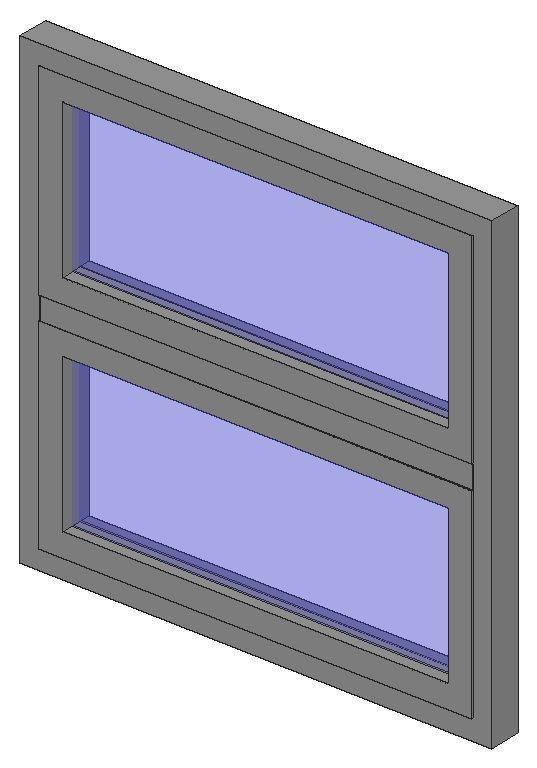
Revit family "Family13", category Windows, host Wall, Revit 2018
Family settings
  Host = Wall
  OmniClass Number = 23.30.20.00
  OmniClass Title = Windows
  Always vertical = Yes
  Cut with Voids When Loaded = No
  Shared = No
  Room Calculation Point = No
Parameters
  Window Thickness = 84 mm
  Window = White
  Visual Light Transmittance = 0.81
  URL = "www.skywardwindows.co.za"
  Thermal Resistance (R) = 0.3196 (m²·K)/W
  Telephone = "021 276 1800"
  Solar Heat Gain Coefficient = 0.76
  Manufacturer = "Skyward Windows"
  Keynote = ""
  Height = 1190 mm
  Heat Transfer Coefficient (U) = 3.1292 W/(m²·K)
  Glass = Glass
  Email Address = "info@skywardwindows.co.za"
  Default Sill Height = 800 mm
  Wall Closure = By host
  Width = 1190 mm
  Company Address = "Charles Matthews Street Atlantis 7349"
  Analytic Construction = "Double glazing - domestic"
Reference planes
  plane 1 "Center (Front/Back)": y = 0
  plane 2 "Center (Left/Right)": x = 0
  plane 3 "Left": x = -595
  plane 4 "Right": x = 595
  plane 5 "Sill": z = 800
  plane 6 "Head": z = 1990
  plane 7 "Exterior": y = 100
  plane 8 "Interior": y = -100
Forms (mm)
  Extrusion 1, solid, material "White" <- "Window"
    sketch origin (0, -100, 0) x (1, 0, 0) y (0, 0, 1)
      loop
        line (-595, 1990) -> (-595, 800) -> (595, 800) -> (595, 1990) -> (-595, 1990)
      loop
        line (-545, 850) -> (545, 850) -> (545, 1940) -> (-545, 1940) -> (-545, 850)
    from -140 to -60
  Extrusion 2, solid, material "White" <- "Window"
    sketch origin (0, -100, 0) x (1, 0, 0) y (0, 0, 1)
      loop
        line (-486, 909) -> (486, 909) -> (486, 1306) -> (-486, 1306) -> (-486, 909)
      loop
        line (-545, 1365) -> (-545, 850) -> (545, 850) -> (545, 1365) -> (-545, 1365)
      loop
        line (-545, 1940) -> (-545, 1425) -> (545, 1425) -> (545, 1940) -> (-545, 1940)
      loop
        line (-486, 1484) -> (486, 1484) -> (486, 1881) -> (-486, 1881) -> (-486, 1484)
    from -142 to -58
  Extrusion 3, solid, material "White" <- "Window"
    sketch origin (0, -100, 0) x (1, 0, 0) y (0, 0, 1)
      loop
        line (-545, 1425) -> (-545, 1365) -> (545, 1365) -> (545, 1425) -> (-545, 1425)
    from -140 to -60
  Extrusion 4, solid, material "Glass" <- "Glass"
    sketch origin (0, 0, 0) x (1, 0, 0) y (0, 1, 0)
      loop
        line (-486, -10) -> (-486, -14) -> (486, -14) -> (486, -10) -> (-486, -10)
      loop
        line (-486, 14) -> (-486, 10) -> (486, 10) -> (486, 14) -> (-486, 14)
    from 909 to 1306
  Extrusion 5, solid, material "Glass" <- "Glass"
    sketch origin (0, 0, 575) x (1, 0, 0) y (0, 1, 0)
      loop
        line (-486, -10) -> (-486, -14) -> (486, -14) -> (486, -10) -> (-486, -10)
      loop
        line (-486, 14) -> (-486, 10) -> (486, 10) -> (486, 14) -> (-486, 14)
    from 909 to 1306
Lines and regions (mm)
  Opening 1
    outline origin (3500, -100, 0) x (1, 0, 0) y (0, 0, 1)
      loop
        line (-2905, 800) -> (-2905, 1990) -> (-4095, 1990) -> (-4095, 800) -> (-2905, 800)
  model lines
    curve 1: line (0, 0, 0) -> (0, 10, 0)
    curve 2: line (0, 10, 0) -> (0, -10, 0)
Text (mm)
  text "EXTERIOR" at (-1963.203, 1332.353, 0), in view "Ref. Level"
  text "INTERIOR" at (-1981.466, -818.386, 0), in view "Ref. Level"
  text "Exterior" at (0, 923.751, 2943.296), in view "Right"
  text "Exterior" at (0, 1040.484, 2685.409), in view "Left"
Dimensions and locks
  equal spacing: plane 3 "Left", plane 2 "Center (Left/Right)", plane 4 "Right"
  "Width": plane 3 "Left" to plane 4 "Right"
  "Height": plane 5 "Sill" to plane 6 "Head"
  "Default Sill Height": plane 5 "Sill" to level
  locked: plane 7 "Exterior" to host wall at 0
  locked: plane 8 "Interior" to host wall
  "Window Thickness": Extrusion 2 to Extrusion 2
  aligned and locked: Extrusion 1 sketch curve to host wall  (x4)
Automatic sketch dimensions
  plane 3 "Left" to Opening 1 sketch curve = 0 mm
  plane 4 "Right" to Opening 1 sketch curve = 0 mm
  Opening 1 sketch curve to plane 5 "Sill" = 0 mm
  Opening 1 sketch curve to plane 6 "Head" = 0 mm
  Extrusion 1 sketch curve to plane 3 "Left" = 50 mm
  plane 4 "Right" to Extrusion 1 sketch curve = 50 mm
  Extrusion 1 sketch curve to plane 5 "Sill" = 50 mm
  plane 6 "Head" to Extrusion 1 sketch curve = 50 mm
  Extrusion 2 sketch curve to plane 3 "Left" = 50 mm  (x2)
  Extrusion 2 sketch curve to Extrusion 2 sketch curve = 59 mm  (x5)
  plane 4 "Right" to Extrusion 2 sketch curve = 109 mm  (x2)
  plane 4 "Right" to Extrusion 2 sketch curve = 50 mm  (x2)
  Extrusion 2 sketch curve to plane 5 "Sill" = 50 mm
  Extrusion 2 sketch curve to Extrusion 2 sketch curve = 397 mm
  Extrusion 2 sketch curve to Extrusion 2 sketch curve = 60 mm
  plane 6 "Head" to Extrusion 2 sketch curve = 109 mm
  plane 6 "Head" to Extrusion 2 sketch curve = 50 mm
  Extrusion 3 sketch curve to plane 3 "Left" = 50 mm
  plane 4 "Right" to Extrusion 3 sketch curve = 50 mm
  Extrusion 3 sketch curve to plane 5 "Sill" = 565 mm
  Extrusion 3 sketch curve to Extrusion 3 sketch curve = 60 mm
  curve 1 to plane 2 "Center (Left/Right)" = 0 mm
  host wall to curve 1 = 0 mm
  curve 2 to host wall = 10 mm
  host wall to curve 2 = 10 mm
  host wall to Extrusion 4 sketch curve = 10 mm
  Extrusion 4 sketch curve to plane 3 "Left" = 109 mm
  Extrusion 4 sketch curve to Extrusion 4 sketch curve = 0 mm  (x2)
  host wall to Extrusion 4 sketch curve = 14 mm
  plane 4 "Right" to Extrusion 4 sketch curve = 109 mm
  Extrusion 4 sketch curve to host wall = 10 mm
  Extrusion 4 sketch curve to Extrusion 4 sketch curve = 4 mm
  host wall to Extrusion 5 sketch curve = 10 mm
  Extrusion 5 sketch curve to plane 3 "Left" = 109 mm
  Extrusion 5 sketch curve to Extrusion 5 sketch curve = 0 mm  (x2)
  host wall to Extrusion 5 sketch curve = 14 mm
  plane 4 "Right" to Extrusion 5 sketch curve = 109 mm
  Extrusion 5 sketch curve to host wall = 10 mm
  Extrusion 5 sketch curve to Extrusion 5 sketch curve = 4 mm
